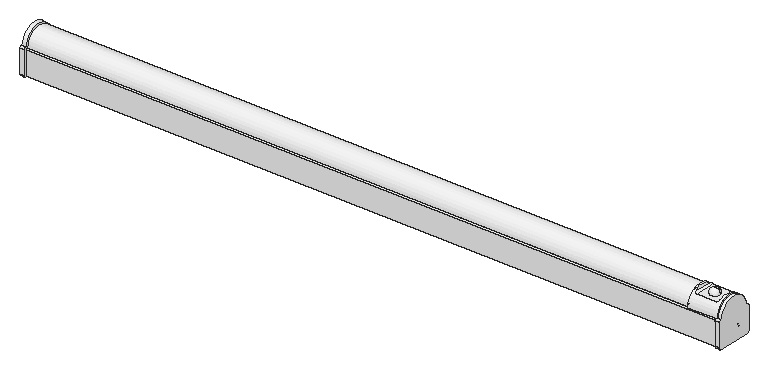
Revit family "0045221 Feilo Sylvania Lighting Fixture SYLBATTEN LED5-5 6000K TP3 PIR", category Lighting Fixtures, host Face, Revit 2017
Family settings
  Host = Face
  Round Connector Dimension = Use Diameter
  Part Type = Normal
  OmniClass Number = 23.80.70.00
  OmniClass Title = Lighting
  Cut with Voids When Loaded = No
  Light Source = Yes
  Shared = No
  Room Calculation Point = No
Parameters (values of type "0045221 SYLBATTEN LED5.5 6000K TP3 PIR")
  Width_FEILO = 66 mm
  Weight = "2.7 kg"
  Wattage Comments = "n/a"
  Wattage = 53 W
  WarrantyStartDate [instance] = "n/a"
  WarrantyGuarantorParts = "n/a"
  WarrantyDurationUnit = "n/a"
  WarrantyDurationParts = "n/a"
  WarrantyDescription = "n/a"
  built-in parameter 1150110 = 1 (stored number, unit not read)
  Voltage = 230 V
  URL = "http://www.sylvania-lighting.com"
  TypeName = "SYLBATTEN LED5.5 6000K TP3 PIR"
  Type Image = <None>
  Type Comments = "n/a"
  built-in parameter 1114217 = 1 (stored number, unit not read)
  Tilt Angle = -90.00°
  built-in parameter 1150109 = 1 (stored number, unit not read)
  built-in parameter 1150134 = 5
  SymReflector_FEILO = no
  built-in parameter 1150113 = 1 (stored number, unit not read)
  SerialNumber [instance] = "n/a"
  RadiusPIR_FEILO = 9 mm
  RadiusDiffuser_FEILO = 27 mm
  PowerFactor = 0
  PowerConsumption = "53 W"
  Photometric Web File = "0045221.ies"
  NominalLength = 1305 mm
  NominalHeight = 76 mm
  NominalDepth = 66 mm
  Name = "SYLBATTEN LED5.5 6000K TP3 PIR"
  ModelReference = Name  # "SYLBATTEN LED5.5 6000K TP3 PIR"
  ModelNumber = "0045221"
  Model = Name  # "SYLBATTEN LED5.5 6000K TP3 PIR"
  Material_4_FEILO = Reflector-Sylvania-Sylbatten-White
  Material_3_FEILO = Diffuser-Sylvania-Sylbatten-Glow
  Material_2_FEILO = Body-Sylvania-Sylbatten-White
  Material_1_FEILO = Body-Sylvania-Sylbatten-White
  Material = "sheet steel housing, polycarbonate diffuser"
  ManufacturerName = "Feilo Sylvania"
  Manufacturer = "Feilo Sylvania"
  LuminousEfficacy = "111 lm/W"
  built-in parameter 1150105 = 1655.8 (stored number, unit not read)
  Lumens = 5883 lm
  LuminaireType = ""
  built-in parameter 1150115 = 1 (stored number, unit not read)
  LightOutputRatio = "100"
  built-in parameter 1150137 = (empty or 0)
  built-in parameter 1150139 = (empty or 0)
  Length_FEILO = 1305 mm
  LampsType = Lamp  # "LED"
  LampNominalLuminous = "5883 lm"
  LampMacAdamStep = "n/a"
  LampColourTemperature = "6000 K"
  LampColourRenderingIndex = "80"
  built-in parameter 1150112 = 1 (stored number, unit not read)
  built-in parameter 1150114 = 1 (stored number, unit not read)
  Lamp = "LED"
  Keynote = "16500"
  InstallationDate [instance] = "n/a"
  InputVoltage = "220-240V~"
  InputNominalFrequency = "n/a"
  built-in parameter 1150132 = (empty or 0)
  built-in parameter 1150102 = (empty or 0)
  built-in parameter 1150107 = 6000 (stored number, unit not read)
  built-in parameter 1150138 = (empty or 0)
  IngressProtection = "IP20"
  ImpactProtectionIndex = "IK07"
  built-in parameter 1150106 = 16.558 (stored number, unit not read)
  IfcExportType = "IfcLightFixtureType"
  IfcExportAs = "IfcLightFixtureType"
  Height_FEILO = 76 mm
  ExpectedLife = 50000
  Emit from Rectangle Width = Length_FEILO - 16 mm - 55 mm  # 1234 mm
  Emit from Rectangle Length = Width_FEILO - 40 mm  # 26 mm
  Emit Shape Visible in Rendering = no
  ElectricShockClassification = "Class I"
  built-in parameter 1150104 = 10.312 (stored number, unit not read)
  DurationUnit = "hours"
  DocumentationLiterature = "http://www.sylvania-lighting.com/product/en-int/products/0045221"
  DimmingControlOptions = "n/a"
  Dimming Lamp Color Temperature Shift = <None>
  Description = "LED batten, T8 replacement, ease of installation through 2 part push-in design of the housing (safety cable included), through wiring capability (TP3 = 3 core), sheet steel, 5883LM, 53W, 111lm/W, 6000K, drive current: 350mA, CRI 80, 138° wide beam angle, electronic driver (non dimmable), with integrated PIR sensor, IP20, IK07, 50,000 hrs (L70), (LxWxH) 1205x66x76mm, 5 step MacAdam ellipse, 3kg, white RAL 9016, Class 1, 220-240V, energy class: A++, A+, A."
  Default Elevation = 1219.2 mm
  CreatedOn = "2/1/2018"
  CreatedBy = ""
  Cost = 0
  Color Filter = 16777215
  built-in parameter 1114216 [instance] = (empty or 0)
  ClassificationValue = "EF_70_80"
  ClassificationName = "Uniclass2015"
  CapOffset_FEILO = 2 mm
  BarCode [instance] = "n/a"
  built-in parameter 1114218 = 1 (stored number, unit not read)
  BackReflector_FEILO = and(not(AsymReflector_FEILO), SymReflector_FEILO)  # no
  built-in parameter 1150133 = 10 (stored number, unit not read)
  FrontReflector_FEILO = or(AsymReflector_FEILO, SymReflector_FEILO)  # no
  AsymReflector_FEILO = no
  AssetType = "Fixed"
  AssetIdentifier [instance] = "n/a"
  Assembly Code = "D5020200"
  Apparent Load = 53 VA
Reference planes
  plane 1 "Center (Front/Back)": y = 0
  plane 2: z = 0
  plane 3 "Center (Left/Right)": x = 0
  plane 4: x = 652.5
  plane 5: x = -652.5
  plane 6: y = 33
  plane 7: y = -33
  plane 8: z = 76
  plane 9: z = 47
  plane 10: y = -29
  plane 11: y = 29
  plane 12: z = 20
  plane 13: z = 74
  plane 14: y = -31
  plane 15: y = -27
  plane 16: y = 27
  plane 17: y = 31
  plane 18: z = 2
  plane 19: x = -644.5
  plane 20: x = 644.5
  plane 21: z = 49
  plane 22: y = 1
  plane 23: y = -1
  plane 24: z = 21
  plane 25: z = 19
  plane 26: y = -61
  plane 27: y = 61
  plane 28: y = -56
  plane 29: y = 56
  plane 30: z = 91
  plane 31: z = 88
  plane 32: x = 589.5
  plane 33: x = 595.5
  plane 34: x = 638.5
  plane 35: z = 69
  plane 36: x = 617
  plane 37: x = -27.5
Forms (mm)
  Extrusion 1, solid, material "Body-Sylvania-Sylbatten-White" <- "Material_2_FEILO"
    sketch origin (0, 0, 0) x (0, 1, 0) y (0, 0, 1)
      loop
        line (-31, 2) -> (31, 2) -> (31, 45)
        arc (31, 45) -> (30.414, 46.414) -> (29, 47) r 2
        line (29, 47) -> (-29, 47)
        arc (-29, 47) -> (-30.414, 46.414) -> (-31, 45) r 2
        line (-31, 45) -> (-31, 2)
    from -644.5 to 644.5
  Extrusion 2, solid, material "Body-Sylvania-Sylbatten-White" <- "Material_2_FEILO"
    sketch origin (652.5, 1524, 1219.2) x (0, 1, 0) y (0, 0, 1)
      loop
        arc (-1494, -1219.2) -> (-1491.879, -1218.321) -> (-1491, -1216.2) r 3
        line (-1491, -1216.2) -> (-1491, -1173.2)
        arc (-1491, -1173.2) -> (-1491.879, -1171.079) -> (-1494, -1170.2) r 3
        line (-1494, -1170.2) -> (-1495.069, -1170.2)
        arc (-1495.069, -1170.2) -> (-1524, -1143.2) -> (-1552.931, -1170.2) r 29
        line (-1552.931, -1170.2) -> (-1554, -1170.2)
        arc (-1554, -1170.2) -> (-1556.121, -1171.079) -> (-1557, -1173.2) r 3
        line (-1557, -1173.2) -> (-1557, -1216.2)
        arc (-1557, -1216.2) -> (-1556.121, -1218.321) -> (-1554, -1219.2) r 3
        line (-1554, -1219.2) -> (-1494, -1219.2)
      loop
        arc (-1525, -1189.25) -> (-1531.071, -1192.129) -> (-1533.95, -1198.2) r 10
        line (-1533.95, -1198.2) -> (-1532.944, -1198.2)
        arc (-1532.944, -1198.2) -> (-1530.364, -1192.836) -> (-1525, -1190.256) r 9
        line (-1525, -1190.256) -> (-1525, -1189.25)
      loop
        arc (-1523, -1190.256) -> (-1517.636, -1192.836) -> (-1515.056, -1198.2) r 9
        line (-1515.056, -1198.2) -> (-1514.05, -1198.2)
        arc (-1514.05, -1198.2) -> (-1516.929, -1192.129) -> (-1523, -1189.25) r 10
        line (-1523, -1189.25) -> (-1523, -1190.256)
      loop
        line (-1532.944, -1200.2) -> (-1533.95, -1200.2)
        arc (-1533.95, -1200.2) -> (-1531.071, -1206.271) -> (-1525, -1209.15) r 10
        line (-1525, -1209.15) -> (-1525, -1208.144)
        arc (-1525, -1208.144) -> (-1530.364, -1205.564) -> (-1532.944, -1200.2) r 9
      loop
        arc (-1515.056, -1200.2) -> (-1517.636, -1205.564) -> (-1523, -1208.144) r 9
        line (-1523, -1208.144) -> (-1523, -1209.15)
        arc (-1523, -1209.15) -> (-1516.929, -1206.271) -> (-1514.05, -1200.2) r 10
        line (-1514.05, -1200.2) -> (-1515.056, -1200.2)
    from 0 to -8
  Extrusion 3, solid, material "Body-Sylvania-Sylbatten-White" <- "Material_2_FEILO"
    sketch origin (-652.5, 1524, 1219.2) x (0, 1, 0) y (0, 0, 1)
      loop
        arc (-1495.069, -1170.2) -> (-1524, -1143.2) -> (-1552.931, -1170.2) r 29
        line (-1552.931, -1170.2) -> (-1554, -1170.2)
        arc (-1554, -1170.2) -> (-1556.121, -1171.079) -> (-1557, -1173.2) r 3
        line (-1557, -1173.2) -> (-1557, -1216.2)
        arc (-1557, -1216.2) -> (-1556.121, -1218.321) -> (-1554, -1219.2) r 3
        line (-1554, -1219.2) -> (-1494, -1219.2)
        arc (-1494, -1219.2) -> (-1491.879, -1218.321) -> (-1491, -1216.2) r 3
        line (-1491, -1216.2) -> (-1491, -1173.2)
        arc (-1491, -1173.2) -> (-1491.879, -1171.079) -> (-1494, -1170.2) r 3
        line (-1494, -1170.2) -> (-1495.069, -1170.2)
      loop
        line (-1533.95, -1198.2) -> (-1532.944, -1198.2)
        arc (-1532.944, -1198.2) -> (-1530.364, -1192.836) -> (-1525, -1190.256) r 9
        line (-1525, -1190.256) -> (-1525, -1189.25)
        arc (-1525, -1189.25) -> (-1531.071, -1192.129) -> (-1533.95, -1198.2) r 10
      loop
        line (-1523, -1189.25) -> (-1523, -1190.256)
        arc (-1523, -1190.256) -> (-1517.636, -1192.836) -> (-1515.056, -1198.2) r 9
        line (-1515.056, -1198.2) -> (-1514.05, -1198.2)
        arc (-1514.05, -1198.2) -> (-1516.929, -1192.129) -> (-1523, -1189.25) r 10
      loop
        line (-1514.05, -1200.2) -> (-1515.056, -1200.2)
        arc (-1515.056, -1200.2) -> (-1517.636, -1205.564) -> (-1523, -1208.144) r 9
        line (-1523, -1208.144) -> (-1523, -1209.15)
        arc (-1523, -1209.15) -> (-1516.929, -1206.271) -> (-1514.05, -1200.2) r 10
      loop
        line (-1525, -1209.15) -> (-1525, -1208.144)
        arc (-1525, -1208.144) -> (-1530.364, -1205.564) -> (-1532.944, -1200.2) r 9
        line (-1532.944, -1200.2) -> (-1533.95, -1200.2)
        arc (-1533.95, -1200.2) -> (-1531.071, -1206.271) -> (-1525, -1209.15) r 10
    from 0 to 8
  Extrusion 4, solid, material "Reflector-Sylvania-Sylbatten-White" <- "Material_4_FEILO", visible <- "FrontReflector_FEILO"
    sketch origin (0, 0, 0) x (0, 1, 0) y (0, 0, 1)
      loop
        line (-61.257, 88.429) -> (-60.743, 87.571) -> (-56.621, 90.044)
        arc (-56.621, 90.044) -> (-56.237, 90.099) -> (-55.929, 89.863) r 0.5
        line (-55.929, 89.863) -> (-31.435, 46.753) -> (-30.565, 47.247) -> (-55.312, 90.802)
        arc (-55.312, 90.802) -> (-55.928, 91.275) -> (-56.696, 91.165) r 1
        line (-56.696, 91.165) -> (-61.257, 88.429)
    from -644.5 to 644.5
  Extrusion 5, solid, material "Reflector-Sylvania-Sylbatten-White" <- "Material_4_FEILO", visible <- "BackReflector_FEILO"
    sketch origin (0, 0, 0) x (0, 1, 0) y (0, 0, 1)
      loop
        line (30.565, 47.247) -> (31.435, 46.753) -> (55.932, 89.868)
        arc (55.932, 89.868) -> (56.245, 90.112) -> (56.638, 90.062) r 0.518
        line (56.638, 90.062) -> (61.033, 87.565) -> (61.527, 88.435) -> (56.682, 91.188)
        arc (56.682, 91.188) -> (55.922, 91.282) -> (55.318, 90.812) r 1
        line (55.318, 90.812) -> (30.565, 47.247)
    from -644.5 to 644.5
  Extrusion 6, solid, material "Diffuser-Sylvania-Sylbatten-Glow" <- "Material_3_FEILO"
    sketch origin (0, 0, 0) x (0, 1, 0) y (0, 0, 1)
      loop
        arc (27, 47) -> (0, 74) -> (-27, 47) r 27
        line (-27, 47) -> (27, 47)
    from -644.5 to 589.5
  Extrusion 7, solid, material "Body-Sylvania-Sylbatten-White" <- "Material_2_FEILO"
    sketch origin (589.5, 1524, 1219.2) x (0, 1, 0) y (0, 0, 1)
      loop
        arc (-1495, -1172.2) -> (-1524, -1143.2) -> (-1553, -1172.2) r 29
        line (-1553, -1172.2) -> (-1495, -1172.2)
    from 0 to 55
  Extrusion 8, void
    sketch origin (0, 0, 0) x (1, 0, 0) y (0, 0, 1)
      loop
        line (598.432, 69) -> (635.568, 69)
        arc (635.568, 69) -> (637.933, 69.774) -> (639.383, 71.795) r 4
        line (639.383, 71.795) -> (644.5, 88) -> (589.5, 88) -> (594.617, 71.795)
        arc (594.617, 71.795) -> (596.067, 69.774) -> (598.432, 69) r 4
    from -27 to 27
  Revolve 9, solid, material "Body-Sylvania-Sylbatten-White" <- "Material_2_FEILO"
    sketch origin (0, 0, 0) x (1, 0, 0) y (0, 0, 1)
      loop
        arc (626, 69) -> (623.364, 75.364) -> (617, 78) r 9
        line (617, 78) -> (617, 69) -> (626, 69)
      axis (617, 78) -> (617, 69)
    angle from 360 to 0
Cuts and joins
  Extrusion 8 cuts Extrusion 7
Lines and regions (mm)
  reference lines
    curve 1: line (0, -61, 88) -> (0, -56, 91)
    curve 2: line (0, -56, 91) -> (0, -31, 47)
    curve 3: line (0, 31, 47) -> (0, 56, 91)
    curve 4: line (0, 56, 91) -> (0, 61.28, 88)
Dimensions and locks
  equal spacing: plane 5, plane 3 "Center (Left/Right)", plane 4
  equal spacing: plane 7, plane 1 "Center (Front/Back)", plane 6
  "Width_FEILO": plane 7 to plane 6
  "Length_FEILO": plane 5 to plane 4
  "Height_FEILO": plane 8 to plane 2
  locked: plane 9 to plane 8 at 29
  equal spacing: plane 10, plane 1 "Center (Front/Back)", plane 11
  locked: plane 7 to plane 10 at 4
  locked: plane 12 to plane 2 at 20
  "CapOffset_FEILO": plane 13 to plane 8
  "CapOffset_FEILO": plane 7 to plane 14
  "CapOffset_FEILO": plane 10 to plane 15
  "CapOffset_FEILO": plane 17 to plane 6
  "CapOffset_FEILO": plane 16 to plane 11
  "CapOffset_FEILO": plane 18 to plane 2
  locked: plane 14 to Extrusion 1 sketch curve at 2
  locked: Extrusion 1 sketch curve to plane 9 at 2  (x2)
  locked: plane 16 to Extrusion 1 sketch curve at 2
  equal spacing: plane 19, plane 3 "Center (Left/Right)", plane 20
  locked: plane 5 to plane 19 at 8
  "CapOffset_FEILO": plane 9 to plane 21
  locked: Extrusion 2 sketch curve to plane 2 at 47
  locked: Extrusion 2 sketch curve to plane 2 at 3  (x2)
  locked: plane 7 to Extrusion 2 sketch curve at 3  (x2)
  locked: Extrusion 2 sketch curve to plane 6 at 3  (x2)
  locked: Extrusion 2 sketch curve to plane 21 at 3  (x2)
  equal spacing: plane 23, plane 1 "Center (Front/Back)", plane 22
  equal spacing: plane 25, plane 12, plane 24
  plane 30 to plane 31 to plane 2 = 3 mm locked, 88 mm locked
  plane 28 to plane 29 = 112 mm
  plane 26 to plane 27 = 122 mm
  locked: plane 32 to plane 20 at 55
  plane 20 to plane 34 = 6 mm
  plane 33 to plane 32 = 6 mm
  plane 21 to plane 35 = 20 mm
  locked: Extrusion 8 sketch curve to plane 35 at 4  (x2)
  locked: Extrusion 8 sketch curve to plane 33 at 2.932
  locked: plane 34 to Extrusion 8 sketch curve at 2.932
  equal spacing: plane 34, plane 36, plane 33
  locked: plane 37 to plane 3 "Center (Left/Right)" at 27.5
  "RadiusDiffuser_FEILO": radius of Extrusion 6 sketch curve
  "RadiusPIR_FEILO": radius of Revolve 9 sketch curve
  aligned and locked: plane 2 to host face
  aligned and locked: level to host face
  aligned and locked: plane 18 to Extrusion 1 sketch curve
  aligned and locked: plane 14 to Extrusion 1 sketch curve
  aligned and locked: Extrusion 1 sketch curve to plane 9
  aligned and locked: Extrusion 1 sketch curve to plane 17
  aligned and locked: plane 20 to Extrusion 1
  aligned and locked: level to Extrusion 2 sketch curve
  aligned and locked: Extrusion 2 sketch curve to plane 7
  aligned and locked: plane 21 to Extrusion 2 sketch curve
  aligned and locked: Extrusion 2 sketch curve to plane 21
  aligned and locked: plane 1 "Center (Front/Back)" to Extrusion 2 sketch curve  (x3)
  aligned and locked: Extrusion 2 to Extrusion 1
  aligned and locked: plane 4 to Extrusion 2
  aligned and locked: plane 12 to Extrusion 2 sketch curve  (x2)
  aligned and locked: Extrusion 2 sketch curve to plane 22
  aligned and locked: Extrusion 2 sketch curve to plane 23
  aligned and locked: Extrusion 2 sketch curve to plane 24
  aligned and locked: Extrusion 2 sketch curve to plane 25
  aligned and locked: plane 25 to Extrusion 2 sketch curve
  aligned and locked: plane 22 to Extrusion 2 sketch curve
  aligned and locked: plane 24 to Extrusion 2 sketch curve
  aligned and locked: plane 23 to Extrusion 2 sketch curve  (x2)
  aligned and locked: Extrusion 3 sketch curve to Extrusion 2  (x22)
  aligned and locked: Extrusion 3 to Extrusion 1
  aligned and locked: Extrusion 3 to plane 5
  aligned and locked: plane 19 to Extrusion 3
  aligned and locked: plane 31 to curve 1
  aligned and locked: plane 30 to curve 1
  aligned and locked: plane 14 to curve 2
  aligned and locked: plane 9 to curve 2
  aligned and locked: plane 17 to curve 3
  aligned and locked: plane 30 to curve 3
  aligned and locked: plane 31 to curve 4
  aligned and locked: Extrusion 4 sketch curve to curve 2
  aligned and locked: Extrusion 4 sketch curve to curve 1
  aligned and locked: Extrusion 4 to Extrusion 1
  aligned and locked: Extrusion 1 to Extrusion 4
  aligned and locked: imposter light to plane 1 "Center (Front/Back)"
  aligned and locked: imposter light to plane 13
  aligned and locked: Extrusion 5 sketch curve to curve 4
  aligned and locked: Extrusion 5 sketch curve to curve 3
  aligned and locked: Extrusion 1 to Extrusion 5
  aligned and locked: Extrusion 5 to Extrusion 1
  aligned and locked: plane 9 to Extrusion 6 sketch curve  (x3)
  aligned and locked: plane 15 to Extrusion 6 sketch curve
  aligned and locked: plane 32 to Extrusion 6
  aligned and locked: Extrusion 1 to Extrusion 6
  aligned and locked: Extrusion 1 to Extrusion 7
  aligned and locked: Extrusion 7 to plane 32
  aligned and locked: Extrusion 7 sketch curve to Extrusion 2
  aligned and locked: Extrusion 7 sketch curve to Extrusion 1
  aligned and locked: Extrusion 1 to Extrusion 7 sketch curve
  aligned and locked: plane 35 to Extrusion 8 sketch curve
  aligned and locked: plane 15 to Extrusion 8
  aligned and locked: Extrusion 8 to plane 16
  aligned and locked: plane 31 to Extrusion 8 sketch curve  (x2)
  aligned and locked: plane 32 to Extrusion 8 sketch curve
  aligned and locked: plane 20 to Extrusion 8 sketch curve
  aligned and locked: Revolve 9 sketch curve to plane 36  (x2)
  aligned and locked: cut or joined group of Extrusion 7, Extrusion 8 to Revolve 9 sketch curve
  aligned and locked: imposter light to plane 37
Automatic sketch dimensions
  host sketch curve to host sketch curve = 2438.4 mm  (x2)
  Extrusion 2 sketch curve to Extrusion 2 sketch curve = 0 mm  (x14)
  Extrusion 2 sketch curve to plane 10 = 0.069 mm
  plane 23 to Extrusion 2 sketch curve = 8.95 mm
  Extrusion 2 sketch curve to Extrusion 2 sketch curve = 1.006 mm  (x4)
  Extrusion 2 sketch curve to plane 22 = 7.944 mm
  curve 1 to plane 26 = 0 mm
  curve 2 to plane 28 = 0 mm
  curve 4 to plane 29 = 0 mm
  plane 9 to curve 3 = 0 mm
  plane 26 to Extrusion 4 sketch curve = 0.257 mm
  Extrusion 4 sketch curve to plane 26 = 0.257 mm
  Extrusion 4 sketch curve to plane 30 = 0.165 mm
  plane 28 to Extrusion 4 sketch curve = 0.696 mm
  plane 28 to Extrusion 4 sketch curve = 0.621 mm
  plane 28 to Extrusion 4 sketch curve = 0.364 mm
  plane 28 to Extrusion 4 sketch curve = 0.182 mm
  Extrusion 4 sketch curve to plane 28 = 0.071 mm
  plane 30 to Extrusion 4 sketch curve = 0.198 mm
  Extrusion 4 sketch curve to plane 28 = 0.688 mm
  plane 9 to Extrusion 4 sketch curve = 0.247 mm
  plane 1 "Center (Front/Back)" to Extrusion 4 sketch curve = 31.435 mm
  Extrusion 5 sketch curve to plane 9 = 0.247 mm
  Extrusion 5 sketch curve to plane 1 "Center (Front/Back)" = 30.565 mm
  plane 9 to Extrusion 5 sketch curve = 0.247 mm
  plane 30 to Extrusion 5 sketch curve = 0.188 mm
  plane 29 to Extrusion 5 sketch curve = 0.068 mm
  Extrusion 5 sketch curve to plane 29 = 0.188 mm
  Extrusion 5 sketch curve to plane 29 = 0.382 mm
  Extrusion 5 sketch curve to Extrusion 5 sketch curve = 0.256 mm
  Extrusion 5 sketch curve to plane 30 = 0.188 mm
  Extrusion 5 sketch curve to plane 29 = 0.682 mm
  Extrusion 5 sketch curve to plane 27 = 0.033 mm
  Extrusion 5 sketch curve to plane 27 = 0.527 mm
  Extrusion 8 sketch curve to plane 33 = 0.883 mm
  plane 34 to Extrusion 8 sketch curve = 0.883 mm
  Revolve 9 sketch curve to plane 35 = 0 mm
  Revolve 9 sketch curve to plane 30 = 2347.4 mm
Connectors
  electrical at (0, 0, 0), driven by "Apparent Load", driven by "PowerFactor", driven by "Voltage"
    settings: index 1, voltage 230 V, apparent load 53 VA, apparent load phase1 0 VA, apparent load phase2 0 VA, apparent load phase3 0 VA, power factor 0, load classification "Lighting", number of poles 1, system type 30, power factor state 1, is connector primary yes, connector utility no, sub classification motor no, connector description ""
